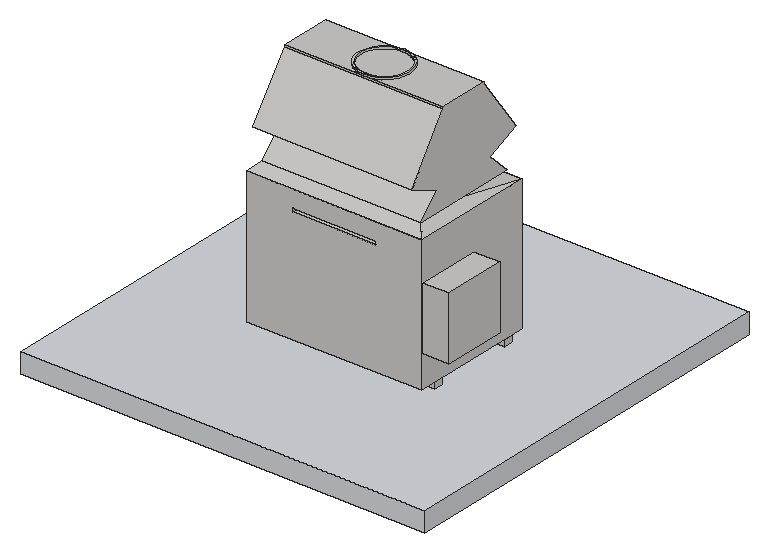
Revit family "DC_Rheem_PLM_Raypak_B0768ID", category Plumbing Fixtures, host Face, Revit 2020
Family settings
  Host = Face
  Round Connector Dimension = Use Radius
  Part Type = Normal
  Cut with Voids When Loaded = No
  Shared = No
  Room Calculation Point = No
Parameters (values of type "Raypak - Gas Water Heater- Indoor - 720 MJ/h  Propane gas, On/Off gas control")
  Width_ANZRS = 1055 mm
  URL = "http://www.rheem.com.au/CommercialProducts"
  Type Comments = "Recovery 2752L/h @ 50°C rise\r\n"
  TopH2_ANZRS = 125 mm
  TopH1_ANZRS = 350 mm
  TopDiaSmall_ANZRS = 305 mm
  TopDiaBig_ANZRS = 785 mm
  T_ANZRS = 50 mm
  Materials_ANZRS = Raypak - Grey Powder Coated Steel
  PVRDist_ANZRS = 85 mm
  PRV_ANZRS = 15 mm
  Model = "B0768PCO/ID\r\n"
  Length_ANZRS = 750 mm
  L1_ANZRS = 387 mm
  HotWateroutletradius_ANZRS = 32.5 mm
  HotWateroutletDiameter_ANZRS = HotWateroutletradius_ANZRS * 2  # 65 mm
  HotWaterConn.Dist_ANZRS = 155 mm
  Height_ANZRS = 1460 mm
  H1_ANZRS = 935 mm
  GasInletradius_ANZRS = 16 mm
  GasInletHeight_ANZRS = 435 mm
  GasInletDiameter_ANZRS = GasInletradius_ANZRS * 2  # 32 mm
  GasConn.Dist_ANZRS = 95 mm
  EleBoxW_ANZRS = 160 mm
  EleBoxHeightFromBase_ANZRS = 235 mm
  EleBoxHeight_ANZRS = 380 mm
  DesignBy_ANZRS = "Design Content ©"
  Description = "Raypak - Gas Water Heater- Indoor - 720 MJ/h  Propane gas, On/Off gas control\r\n"
  Default Elevation = 1219.2 mm
  ConnHeight_ANZRS = 745 mm
  ColdWaterInletRadius_ANZRS = 32.5 mm
  ColdWaterInletDiameter_ANZRS = ColdWaterInletRadius_ANZRS * 2  # 65 mm
  ColdWaterConn.Dist_ANZRS = 280 mm
  BoxHeight_ANZRS = 850 mm
  Base1Dist_ANZRS = 75 mm
  BaseWidth_ANZRS = 55 mm
  BaseHeight_ANZRS = 35 mm
  Basae2Dist_ANZRS = 95 mm
  Author_ANZRS = "DM"
  Assembly Code = ""
Types (5, lengths in mm): name | URL | Type Comments | Model | GasInletradius_ANZRS | GasInletDiameter_ANZRS | Description
  (no name) | "http://www.rheem.com.au/downloads/PDF/Raypak_Mechanical_Heating_Brochure_July_09.pdf\r\n" | "Recovery 2752L/h @ 50°C rise\r\n" | "B0768PCO/ID\r\n" | 16 | 32 | "Raypak - Gas Water Heater- Indoor - 720 MJ/h  Propane gas, On/Off gas control\r\n"
  Raypak - Gas Water Heater- Indoor - 765 MJ/h  Natural gas, modulating gas control | "http://www.rheem.com.au/CommercialProducts" | "Recovery 2924L/h @ 50°C rise\r\n" | "B0768NCM/ID\r\n" | 20 | 40 | "Raypak - Gas Water Heater- Indoor - 765 MJ/h  Natural gas, modulating gas control\r\n"
  Raypak - Gas Water Heater- Indoor - 765 MJ/h  Natural gas, On/Off gas control | "http://www.rheem.com.au/CommercialProducts" | "Recovery 2924L/h @ 50°C rise\r\n" | "B0768NCO/ID\r\n\r\n" | 20 | 40 | "Raypak - Gas Water Heater- Indoor - 765 MJ/h  Natural gas, On/Off gas control\r\n"
  Raypak - Gas Water Heater- Indoor - 720 MJ/h  Propane gas, modulating gas control | "http://www.rheem.com.au/CommercialProducts" | "Recovery 2752L/h @ 50°C rise\r\n" | "B0768PCM/ID\r\n\r\n\r\n" | 10 | 20 | "Raypak - Gas Water Heater- Indoor - 720 MJ/h  Propane gas, modulating gas control\r\n"
  Raypak - Gas Water Heater- Indoor - 720 MJ/h  Propane gas, On/Off gas control | "http://www.rheem.com.au/CommercialProducts" | "Recovery 2752L/h @ 50°C rise\r\n" | "B0768PCO/ID\r\n" | 16 | 32 | "Raypak - Gas Water Heater- Indoor - 720 MJ/h  Propane gas, On/Off gas control\r\n"
Reference planes
  plane 1 "Center (Front/Back)": y = 0
  plane 2: z = 0
  plane 3 "Center (Left/Right)": x = 0
  plane 4: y = 375
  plane 5: y = -375
  plane 6: x = -527.5
  plane 7: x = 527.5
  plane 8: z = 35
  plane 9: z = 850
  plane 10: y = 300
  plane 11: y = 245
  plane 12: y = -225
  plane 13: y = -280
  plane 14: y = -280
  plane 15: y = 220
  plane 16: y = -60
  plane 17: z = 745
  plane 18: y = 290
  plane 19: y = 152.5
  plane 20: y = -152.5
  plane 21: y = 392.5
  plane 22: y = -392.5
  plane 23: z = 1460
  plane 24: z = 1110
  plane 25: z = 985
  plane 26: y = 325
  plane 27: y = -325
  plane 28: z = 900
  plane 29: z = 435
  plane 30: x = -392.5
  plane 31: x = 392.5
  plane 32: x = -152.5
  plane 33: x = 152.5
  plane 34: x = 687.5
  plane 35: z = 615
  plane 36: z = 235
  plane 37: z = 725
  plane 38: x = 250
  plane 39: x = -250
  plane 40: y = -365
  plane 41: x = -517.5
  plane 42: z = 1440
  plane 43: z = 1450
  plane 44: y = -142.5
  plane 45: y = -7.654
  plane 46: y = -325
  plane 47: x = 477.5
  plane 48: x = -477.5
  plane 49: y = 10
Forms (mm)
  Extrusion 1, solid
    sketch origin (0, 0, 0) x (1, 0, 0) y (0, 1, 0)
      loop
        line (-1219.2, 1219.2) -> (-1219.2, -1219.2) -> (1219.2, -1219.2) -> (1219.2, 1219.2) -> (-1219.2, 1219.2)
    from 0 to -120
  Extrusion 2, solid, material "Raypak - Grey Powder Coated Steel" <- "Materials_ANZRS"
    sketch origin (0, 0, 0) x (1, 0, 0) y (0, 1, 0)
      loop
        line (-527.5, 375) -> (-527.5, -375) -> (527.5, -375) -> (527.5, 375) -> (-527.5, 375)
    from 35 to 850
  Extrusion 3, solid, material "Raypak - Grey Powder Coated Steel" <- "Materials_ANZRS"
    sketch origin (0, 0, 0) x (0, 1, 0) y (0, 0, 1)
      loop
        line (300, 35) -> (245, 35) -> (245, 0) -> (300, 0) -> (300, 35)
      loop
        line (-225, 35) -> (-280, 35) -> (-280, 0) -> (-225, 0) -> (-225, 35)
    from -527.5 to 527.5
  Extrusion 4, solid, material "Raypak - Grey Powder Coated Steel" <- "Materials_ANZRS"
    sketch origin (0, 0, 0) x (1, 0, 0) y (0, 0, 1)
      loop
        line (527.5, 615) -> (527.5, 235) -> (687.5, 235) -> (687.5, 615) -> (527.5, 615)
    from -10 to 375
  Extrusion 5, void
    sketch origin (0, 0, 0) x (1, 0, 0) y (0, 0, 1)
      loop
        line (-250, 745) -> (-250, 725) -> (250, 725) -> (250, 745) -> (-250, 745)
    from 344.946 to 375
  Extrusion 6, void
    sketch origin (0, 0, 0) x (0, 1, 0) y (0, 0, 1)
      loop
        circle (290, 745) r 15
      loop
        circle (220, 745) r 32.5
      loop
        circle (-60, 745) r 32.5
      loop
        circle (-280, 435) r 16
    from -527.5 to -517.5
  Blend 7, solid, material "Raypak - Grey Powder Coated Steel" <- "Materials_ANZRS"
    base sketch origin (0, 0, 0) x (1, 0, 0) y (0, 1, 0)
      loop
        line (-527.5, 375) -> (-527.5, -375) -> (527.5, -375) -> (527.5, 375) -> (-527.5, 375)
    top sketch origin (0, 0, 0) x (1, 0, 0) y (0, 1, 0)
      loop
        line (477.5, -7.654) -> (-477.5, -7.654) -> (-477.5, -325) -> (477.5, -325) -> (477.5, -7.654)
    from 850 to 900
  Extrusion 8, solid, material "Raypak - Grey Powder Coated Steel" <- "Materials_ANZRS"
    sketch origin (0, 0, 0) x (0, 1, 0) y (0, 0, 1)
      loop
        line (152.5, 1440) -> (152.5, 1450) -> (-152.5, 1450) -> (-152.5, 1440) -> (-392.5, 1110) -> (-200.648, 1024.352) -> (-325, 900) -> (325, 900) -> (200.648, 1024.352) -> (392.5, 1110) -> (152.5, 1440)
    from -477.5 to 477.5
  Revolve 9, solid, material "Raypak - Grey Powder Coated Steel" <- "Materials_ANZRS"
    sketch origin (0, 0, 0) x (0, 1, 0) y (0, 0, 1)
      loop
        line (-152.5, 1450) -> (-142.5, 1450) -> (-142.5, 1460) -> (-152.5, 1460) -> (-152.5, 1450)
      axis (0, 1460) -> (0, 1450)
    angle from 0 to 360
Cuts and joins
  Extrusion 5, Extrusion 6 cuts Extrusion 2
Lines and regions (mm)
  Masking region 1
    outline origin (0, 0, 0) x (1, 0, 0) y (0, 0, 1)
      loop
        line (-477.5, 1450) -> (-477.5, 900) -> (-527.5, 850) -> (-527.5, 0) -> (527.5, 0) -> (527.5, 235) -> (687.5, 235) -> (687.5, 615) -> (527.5, 615) -> (527.5, 850) -> (477.5, 900) -> (477.5, 1450) -> (152.5, 1450) -> (152.5, 1460) -> (-152.5, 1460) -> (-152.5, 1450) -> (-477.5, 1450)
  Masking region 2
    outline origin (0, 0, 0) x (0, 1, 0) y (0, 0, 1)
      loop
        line (-152.5, 1460) -> (-152.5, 1440) -> (-392.5, 1110) -> (-200.648, 1024.352) -> (-375, 850) -> (-375, 0) -> (375, 0) -> (375, 850) -> (200.648, 1024.352) -> (392.5, 1110) -> (152.5, 1440) -> (152.5, 1460) -> (-152.5, 1460)
  symbolic lines, style "Raypak - Raypak", detail levels fine
    curve 1: line (-477.5, 392.5, 0) -> (477.5, 392.5, 0)
    curve 2: line (-477.5, -392.5, 0) -> (-477.5, 392.5, 0)
    curve 3: line (477.5, -392.5, 0) -> (-477.5, -392.5, 0)
    curve 4: line (477.5, 392.5, 0) -> (477.5, -392.5, 0)
    curve 5: line (477.5, 152.5, 0) -> (-477.5, 152.5, 0)
    curve 6: line (-477.5, -152.5, 0) -> (477.5, -152.5, 0)
    curve 7: arc (0, 152.5, 0) -> (152.5, 0, 0) -> (0, -152.5, 0) r 152.5
    curve 8: arc (0, -152.5, 0) -> (-152.5, 0, 0) -> (0, 152.5, 0) r 152.5
    curve 9: arc (0, -142.5, 0) -> (-142.5, 0, 0) -> (0, 142.5, 0) r 142.5
    curve 10: arc (0, 142.5, 0) -> (142.5, 0, 0) -> (0, -142.5, 0) r 142.5
    curve 11: line (-527.5, 375, 0) -> (-527.5, -375, 0)
    curve 12: line (527.5, -375, 0) -> (527.5, 375, 0)
    curve 13: line (-527.5, -375, 0) -> (-477.5, -375, 0)
    curve 14: line (527.5, 375, 0) -> (477.5, 375, 0)
    curve 15: line (477.5, 325, 0) -> (527.5, 375, 0)
    curve 16: line (527.5, -375, 0) -> (477.5, -325, 0)
    curve 17: line (-527.5, -375, 0) -> (-477.5, -325, 0)
    curve 18: line (-527.5, 375, 0) -> (-477.5, 325, 0)
    curve 19: line (687.5, 10, 0) -> (527.5, 10, 0)
    curve 20: line (687.5, -375, 0) -> (687.5, 10, 0)
    curve 21: line (527.5, -375, 0) -> (687.5, -375, 0)
    curve 22: line (477.5, -375, 0) -> (527.5, -375, 0)
    curve 23: line (-477.5, 375, 0) -> (-527.5, 375, 0)
    curve 24: line (-477.5, 0, 1450) -> (-477.5, 0, 900)
    curve 25: line (365, 0, 1450) -> (-477.5, 0, 1450)
    curve 26: line (-152.5, 0, 1460) -> (152.5, 0, 1460)
    curve 27: line (152.5, 0, 1450) -> (152.5, 0, 1460)
    curve 28: line (-152.5, 0, 1450) -> (-152.5, 0, 1460)
    curve 29: line (-477.5, 0, 1440) -> (365, 0, 1440)
    curve 30: line (-477.5, 0, 1110) -> (477.5, 0, 1110)
    curve 31: line (-477.5, 0, 1024.352) -> (477.5, 0, 1024.352)
    curve 32: line (-477.5, 0, 900) -> (477.5, 0, 900)
    curve 33: line (-477.5, 0, 900) -> (-527.5, 0, 850)
    curve 34: line (527.5, 0, 35) -> (527.5, 0, 850)
    curve 35: line (-527.5, 0, 850) -> (-527.5, 0, 35)
    curve 36: line (-527.5, 0, 850) -> (527.5, 0, 850)
    curve 37: line (-527.5, 0, 35) -> (527.5, 0, 35)
    curve 38: line (-527.5, 0, 35) -> (-527.5, 0, 0)
    curve 39: line (-527.5, 0, 0) -> (527.5, 0, 0)
    curve 40: line (527.5, 0, 0) -> (527.5, 0, 35)
    curve 41: line (527.5, 0, 235) -> (687.5, 0, 235)
    curve 42: line (687.5, 0, 235) -> (687.5, 0, 615)
    curve 43: line (687.5, 0, 615) -> (527.5, 0, 615)
    curve 44: line (250, 0, 745) -> (-250, 0, 745)
    curve 45: line (250, 0, 725) -> (250, 0, 745)
    curve 46: line (-250, 0, 725) -> (250, 0, 725)
    curve 47: line (-250, 0, 745) -> (-250, 0, 725)
    curve 48: line (527.5, 0, 850) -> (477.5, 0, 900)
    curve 49: line (0, -152.5, 1460) -> (0, 152.5, 1460)
    curve 50: line (0, 152.5, 1450) -> (0, -152.5, 1450)
    curve 51: line (0, -152.5, 1460) -> (0, -152.5, 1440)
    curve 52: line (0, 152.5, 1440) -> (0, 152.5, 1460)
    curve 53: line (0, -152.5, 1440) -> (0, -392.5, 1110)
    curve 54: line (0, 392.5, 1110) -> (0, 152.5, 1440)
    curve 55: line (0, 200.648, 1024.352) -> (0, 392.5, 1110)
    curve 56: line (0, -392.5, 1110) -> (0, -200.648, 1024.352)
    curve 57: line (0, -200.648, 1024.352) -> (0, -375, 850)
    curve 58: line (0, 375, 850) -> (0, 200.648, 1024.352)
    curve 59: line (0, -375, 850) -> (0, 375, 850)
    curve 60: line (0, -325, 900) -> (0, 325, 900)
    curve 61: line (0, -375, 850) -> (0, -375, 35)
    curve 62: line (0, 375, 35) -> (0, 375, 850)
    curve 63: line (0, -375, 35) -> (0, 375, 35)
    curve 64: line (0, 245, 35) -> (0, 245, 0)
    curve 65: line (0, 300, 0) -> (0, 300, 35)
    curve 66: line (0, 245, 0) -> (0, 300, 0)
    curve 67: line (0, -225, 0) -> (0, -225, 35)
    curve 68: line (0, -280, 35) -> (0, -280, 0)
    curve 69: line (0, -280, 0) -> (0, -225, 0)
    curve 70: arc (0, -295, 435) -> (0, -280, 420) -> (0, -265, 435) r 15
    curve 71: arc (0, -265, 435) -> (0, -280, 450) -> (0, -295, 435) r 15
    curve 72: arc (0, -80, 745) -> (0, -60, 725) -> (0, -40, 745) r 20
    curve 73: arc (0, -40, 745) -> (0, -60, 765) -> (0, -80, 745) r 20
    curve 74: arc (0, 200, 745) -> (0, 220, 725) -> (0, 240, 745) r 20
    curve 75: arc (0, 240, 745) -> (0, 220, 765) -> (0, 200, 745) r 20
    curve 76: arc (0, 305, 745) -> (0, 290, 760) -> (0, 275, 745) r 15
    curve 77: arc (0, 275, 745) -> (0, 290, 730) -> (0, 305, 745) r 15
Dimensions and locks
  equal spacing: plane 4, plane 1 "Center (Front/Back)", plane 5
  "Length_ANZRS": plane 4 to plane 5
  equal spacing: plane 6, plane 3 "Center (Left/Right)", plane 7
  "Width_ANZRS": plane 6 to plane 7
  "BaseHeight_ANZRS": plane 8 to Extrusion 1
  "BoxHeight_ANZRS": plane 9 to Extrusion 1
  "Base1Dist_ANZRS": plane 4 to plane 10
  "BaseWidth_ANZRS": plane 10 to plane 11
  "Basae2Dist_ANZRS": plane 13 to plane 5
  "BaseWidth_ANZRS": plane 12 to plane 13
  "GasConn.Dist_ANZRS": plane 14 to plane 5
  "HotWaterConn.Dist_ANZRS": plane 4 to plane 15
  "ColdWaterConn.Dist_ANZRS": plane 15 to plane 16
  "ConnHeight_ANZRS": plane 17 to Extrusion 1
  "PVRDist_ANZRS": plane 4 to plane 18
  equal spacing: plane 19, plane 1 "Center (Front/Back)", plane 20
  "TopDiaSmall_ANZRS": plane 19 to plane 20
  equal spacing: plane 21, plane 1 "Center (Front/Back)", plane 22
  "TopDiaBig_ANZRS": plane 21 to plane 22
  "Height_ANZRS": plane 23 to Extrusion 1
  "T_ANZRS": plane 4 to plane 26
  "T_ANZRS": plane 27 to plane 5
  "TopH1_ANZRS": plane 23 to plane 24
  "TopH2_ANZRS": plane 24 to plane 25
  "GasInletHeight_ANZRS": plane 29 to Extrusion 1
  equal spacing: plane 32, plane 3 "Center (Left/Right)", plane 33
  equal spacing: plane 30, plane 3 "Center (Left/Right)", plane 31
  "TopDiaBig_ANZRS": plane 30 to plane 31
  "TopDiaSmall_ANZRS": plane 32 to plane 33
  "EleBoxW_ANZRS": plane 34 to plane 7
  "EleBoxHeight_ANZRS": plane 35 to plane 36
  "EleBoxHeightFromBase_ANZRS": plane 36 to Extrusion 1
  equal spacing: plane 38, plane 3 "Center (Left/Right)", plane 39
  plane 38 to plane 39 = 500 mm
  locked: plane 40 to plane 5 at 10
  locked: plane 6 to plane 41 at 10
  "T_ANZRS": plane 28 to plane 9
  plane 23 to plane 42 = 20 mm
  equal spacing: plane 23, plane 43, plane 42
  locked: plane 44 to plane 20 at 10
  Extrusion 4 to plane 45 = 17.654 mm
  locked: Extrusion 4 to plane 46 at 50
  locked: plane 47 to plane 7 at 50
  locked: plane 6 to plane 48 at 50
  plane 9 to level = 850 mm
  "GasInletradius_ANZRS": radius of Extrusion 6 sketch curve
  "ColdWaterInletRadius_ANZRS": radius of Extrusion 6 sketch curve
  "HotWateroutletradius_ANZRS": radius of Extrusion 6 sketch curve
  "PRV_ANZRS": radius of Extrusion 6 sketch curve
  aligned and locked: plane 2 to Extrusion 1
  aligned and locked: level to Extrusion 1
  aligned and locked: Extrusion 2 sketch curve to plane 4
  aligned and locked: plane 6 to Extrusion 2 sketch curve
  aligned and locked: Extrusion 2 sketch curve to plane 5
  aligned and locked: plane 7 to Extrusion 2 sketch curve
  aligned and locked: Extrusion 2 to plane 8
  aligned and locked: plane 9 to Extrusion 2
  aligned and locked: plane 8 to Extrusion 3 sketch curve  (x2)
  aligned and locked: Extrusion 3 sketch curve to plane 10
  aligned and locked: Extrusion 3 sketch curve to level  (x2)
  aligned and locked: plane 11 to Extrusion 3 sketch curve
  aligned and locked: Extrusion 3 sketch curve to plane 12
  aligned and locked: plane 14 to Extrusion 3 sketch curve
  aligned and locked: Extrusion 3 to plane 6
  aligned and locked: Extrusion 3 to plane 7
  aligned and locked: Extrusion 4 sketch curve to plane 35
  aligned and locked: Extrusion 4 sketch curve to plane 7
  aligned and locked: plane 36 to Extrusion 4 sketch curve
  aligned and locked: Extrusion 4 sketch curve to plane 34
  aligned and locked: Extrusion 5 sketch curve to plane 17
  aligned and locked: plane 39 to Extrusion 5 sketch curve
  aligned and locked: plane 37 to Extrusion 5 sketch curve
  aligned and locked: Extrusion 5 sketch curve to plane 38
  aligned and locked: plane 5 to Extrusion 5
  aligned and locked: plane 17 to Extrusion 6 sketch curve  (x3)
  aligned and locked: plane 18 to Extrusion 6 sketch curve
  aligned and locked: plane 15 to Extrusion 6 sketch curve
  aligned and locked: plane 16 to Extrusion 6 sketch curve
  aligned and locked: plane 14 to Extrusion 6 sketch curve
  aligned and locked: plane 29 to Extrusion 6 sketch curve
  aligned and locked: Extrusion 6 to plane 6
  aligned and locked: Extrusion 6 to plane 41
  aligned and locked: Blend 7 sketch curve to cut or joined group of Extrusion 2, Extrusion 5, Extrusion 6  (x4)
  aligned and locked: Blend 7 to plane 9
  aligned and locked: plane 28 to Blend 7
  aligned and locked: plane 19 to Extrusion 8 sketch curve
  aligned and locked: Extrusion 8 sketch curve to plane 20
  aligned and locked: Extrusion 8 sketch curve to Blend 7
  aligned and locked: plane 28 to Extrusion 8 sketch curve
  aligned and locked: Extrusion 8 to Blend 7  (x2)
  aligned and locked: Extrusion 8 sketch curve to plane 43
  aligned and locked: Revolve 9 sketch curve to plane 20
  aligned and locked: plane 23 to Revolve 9 sketch curve
  aligned and locked: Extrusion 8 to Revolve 9 sketch curve
  aligned and locked: Revolve 9 sketch curve to plane 44
  aligned and locked: Masking region 1 sketch curve to Extrusion 8  (x3)
  aligned and locked: Masking region 1 sketch curve to Revolve 9
  aligned and locked: Masking region 1 sketch curve to Blend 7  (x2)
  aligned and locked: Masking region 1 sketch curve to cut or joined group of Extrusion 2, Extrusion 5, Extrusion 6  (x2)
  aligned and locked: Extrusion 1 to Masking region 1 sketch curve
  aligned and locked: Masking region 1 sketch curve to plane 33
  aligned and locked: Masking region 1 sketch curve to plane 32
  aligned and locked: Masking region 1 sketch curve to plane 35
  aligned and locked: Masking region 1 sketch curve to plane 34
  aligned and locked: Masking region 1 sketch curve to plane 36
  aligned and locked: Masking region 2 sketch curve to Revolve 9
  aligned and locked: Masking region 2 sketch curve to Extrusion 8  (x8)
  aligned and locked: Masking region 2 sketch curve to cut or joined group of Extrusion 2, Extrusion 5, Extrusion 6  (x2)
  aligned and locked: Extrusion 1 to Masking region 2 sketch curve
  aligned: cut or joined group of Extrusion 2, Extrusion 5, Extrusion 6 to Extrusion 4
  aligned and locked: cut or joined group of Extrusion 2, Extrusion 5, Extrusion 6 to Extrusion 4
  aligned and locked: Blend 7 sketch curve to plane 48
  aligned and locked: Blend 7 sketch curve to plane 45
  aligned and locked: Blend 7 sketch curve to plane 47
  aligned and locked: Blend 7 sketch curve to plane 46
Automatic sketch dimensions
  Extrusion 1 sketch curve to Extrusion 1 sketch curve = 2438.4 mm  (x2)
  Extrusion 8 sketch curve to plane 22 = 0 mm
  Extrusion 8 sketch curve to plane 21 = 0 mm
  Extrusion 8 sketch curve to plane 24 = 0 mm  (x2)
  Extrusion 8 sketch curve to plane 42 = 0 mm  (x2)
  Extrusion 8 sketch curve to plane 12 = 24.352 mm
  plane 15 to Extrusion 8 sketch curve = 19.352 mm
  Revolve 9 sketch curve to plane 1 "Center (Front/Back)" = 0 mm
  Revolve 9 sketch curve to level = 2207.352 mm
  plane 23 to Revolve 9 sketch curve = 883.807 mm
  Masking region 1 sketch curve to plane 43 = 0 mm
  plane 7 to Masking region 1 sketch curve = 0 mm
  curve 37 to plane 6 = 0 mm
  curve 24 to plane 28 = 0 mm
  curve 24 to plane 48 = 0 mm
  curve 44 to plane 17 = 0 mm
  curve 44 to plane 39 = 0 mm
  curve 26 to plane 23 = 0 mm
  plane 32 to curve 26 = 0 mm
  plane 33 to curve 27 = 0 mm
  curve 46 to plane 37 = 0 mm
  curve 46 to plane 38 = 0 mm
  curve 29 to plane 42 = 0 mm
  curve 25 to plane 43 = 0 mm
  curve 30 to plane 24 = 0 mm
  plane 47 to curve 30 = 0 mm
  plane 47 to curve 32 = 0 mm
  plane 47 to curve 31 = 0 mm
  curve 40 to level = 0 mm
  plane 7 to curve 40 = 0 mm
  curve 43 to plane 34 = 0 mm
  curve 38 to plane 8 = 0 mm
  curve 41 to plane 36 = 0 mm
  curve 42 to plane 35 = 0 mm
  curve 35 to plane 9 = 0 mm
  curve 29 to plane 31 = 27.5 mm
  curve 25 to curve 29 = 0 mm
  curve 31 to plane 25 = 39.352 mm
  curve 56 to plane 22 = 0 mm
  curve 61 to plane 5 = 0 mm
  curve 60 to plane 27 = 0 mm
  curve 70 to plane 29 = 0 mm
  curve 70 to plane 13 = 0 mm
  curve 68 to plane 13 = 0 mm
  curve 67 to plane 12 = 0 mm
  curve 53 to plane 20 = 0 mm
  curve 73 to plane 17 = 0 mm
  curve 73 to plane 16 = 0 mm
  curve 54 to plane 19 = 0 mm
  curve 75 to plane 17 = 0 mm
  curve 74 to plane 15 = 0 mm
  curve 64 to plane 11 = 0 mm
  curve 66 to level = 0 mm
  curve 77 to plane 17 = 0 mm
  curve 77 to plane 18 = 0 mm
  curve 65 to plane 10 = 0 mm
  curve 60 to plane 26 = 0 mm
  curve 63 to plane 4 = 0 mm
  curve 55 to plane 21 = 0 mm
  curve 68 to level = 0 mm
  curve 67 to plane 8 = 0 mm
  curve 61 to plane 9 = 0 mm
  curve 60 to plane 28 = 0 mm
  curve 56 to plane 24 = 0 mm
  curve 55 to plane 24 = 0 mm
  curve 51 to plane 42 = 0 mm
  plane 42 to curve 52 = 0 mm
  curve 50 to plane 43 = 0 mm
  curve 49 to plane 23 = 0 mm
  curve 70 to curve 70 = 15 mm
  curve 56 to plane 12 = 24.352 mm
  plane 16 to curve 73 = 20 mm
  curve 75 to curve 74 = 20 mm
  plane 15 to curve 58 = 19.352 mm
  plane 18 to curve 77 = 15 mm
  Extrusion 8 sketch curve to plane 26 = 0 mm
  Extrusion 8 sketch curve to plane 25 = 39.352 mm
  curve 7 to curve 8 = 0 mm
  curve 7 to curve 9 = 0 mm  (x2)
  plane 5 to curve 11 = 0 mm
  curve 11 to plane 6 = 0 mm
  curve 2 to plane 21 = 0 mm
  curve 2 to plane 48 = 0 mm
  curve 8 to plane 3 "Center (Left/Right)" = 0 mm
  plane 5 to curve 22 = 0 mm
  curve 22 to plane 47 = 0 mm
  curve 19 to plane 7 = 0 mm
  curve 20 to plane 34 = 0 mm
  plane 22 to curve 3 = 0 mm
  curve 17 to plane 27 = 0 mm
  curve 16 to plane 27 = 0 mm
  plane 20 to curve 8 = 0 mm
  plane 44 to curve 9 = 0 mm
  plane 1 "Center (Front/Back)" to curve 8 = 0 mm
  plane 49 to curve 19 = 0 mm
  plane 26 to curve 15 = 0 mm
  plane 26 to curve 18 = 0 mm
  curve 11 to plane 4 = 0 mm
  curve 14 to plane 4 = 0 mm
Connectors
  piping at (-527.5, 290, 745), diameter 30, driven by "PRV_ANZRS"
    settings: on cut or joined group of Extrusion 2, Extrusion 5, Extrusion 6, index 1, connector inside diameter 1.1811", connector length 0 mm, flow factor 0, pipe flow 0 GPM, pressure drop 0.00 psi, fitting loss kfactor 0, connector angle 0.00°, fixture units 0, engagement length 0 mm, angle of deflection 0.00°, flow configuration 1, flow direction 1, fitting loss method 0, system type 22, joint type 0, gender type 0, connector reference index -1, connector utility 0, adjustable connector no, is connector primary yes, connector description ""
  piping at (-527.5, 220, 745), diameter 65, driven by "HotWateroutletradius_ANZRS"
    settings: on cut or joined group of Extrusion 2, Extrusion 5, Extrusion 6, index 2, connector inside diameter 2.55906", connector length 0 mm, flow factor 0, pipe flow 0 GPM, pressure drop 0.00 psi, fitting loss kfactor 0, connector angle 0.00°, fixture units 0, engagement length 0 mm, angle of deflection 0.00°, flow configuration 1, flow direction 1, fitting loss method 0, system type 19, joint type 0, gender type 0, connector reference index -1, connector utility 0, adjustable connector no, is connector primary no, connector description ""
  piping at (-527.5, -60, 745), diameter 65, driven by "ColdWaterInletRadius_ANZRS"
    settings: on cut or joined group of Extrusion 2, Extrusion 5, Extrusion 6, index 3, connector inside diameter 2.55906", connector length 0 mm, flow factor 0, pipe flow 0 GPM, pressure drop 0.00 psi, fitting loss kfactor 0, connector angle 0.00°, fixture units 0, engagement length 0 mm, angle of deflection 0.00°, flow configuration 1, flow direction 1, fitting loss method 0, system type 20, joint type 0, gender type 0, connector reference index -1, connector utility 0, adjustable connector no, is connector primary no, connector description ""
  piping at (-527.5, -280, 435), diameter 32, driven by "GasInletradius_ANZRS"
    settings: on cut or joined group of Extrusion 2, Extrusion 5, Extrusion 6, index 4, connector inside diameter 1.25984", connector length 0 mm, flow factor 0, pipe flow 0 GPM, pressure drop 0.00 psi, fitting loss kfactor 0, connector angle 0.00°, fixture units 0, engagement length 0 mm, angle of deflection 0.00°, flow configuration 1, flow direction 1, fitting loss method 0, system type 22, joint type 0, gender type 0, connector reference index -1, connector utility 0, adjustable connector no, is connector primary no, connector description ""
